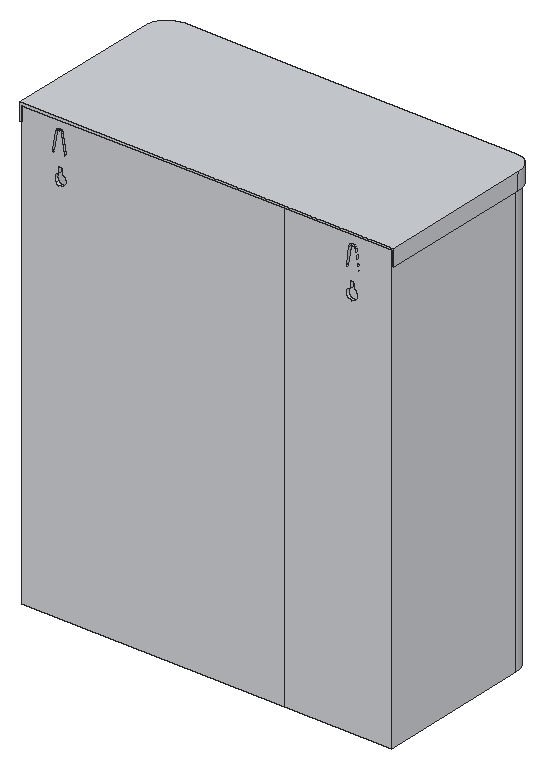
Revit family "AX8925-C_0016", category Appareils sanitaires, Revit 2016
Family settings
  Hôte = Mur
  Type d'élément = Normal
  Cote de connecteur circulaire = Utiliser le diamètre
  Numéro OmniClass = 23.75.00.00
  Titre OmniClass = Climate Control (HVAC)
  Toujours verticalement = Oui
  Couper avec des vides une fois chargée = Non
  Partagée = Non
  Point de calcul de pièce = Non
Parameters (values of type "Type 1")
  URL = "https://www.axeuro.com/fr/a-poser-en-applique/25352-poubelle-murale-ax8925-c.html?search_query=ax8925-c&results=6"
  Modèle = "AX8925-C, AX8925W-C"  # constant formula
  Fabricant = "Axeuro"  # constant formula
  Description = "Poubelle murale"  # constant formula
Reference planes
  plane 1 "Mur": y = 0
  plane 2 "Centre (gauche/droite)": x = 0
  plane 3 "Arrière": y = 75
Forms (mm)
  Extrusion 1, solid
    sketch origin (-104.674, -95, 0) x (1, 0, 0) y (0, 1, 0)
      loop
        line (-73.326, 170) -> (179.5, 170) -> (282.674, 170) -> (282.674, 319.853)
        arc (282.674, 319.853) -> (276.773, 334.099) -> (262.527, 340) r 20.147
        line (262.527, 340) -> (182.674, 340) -> (-53.179, 340)
        arc (-53.179, 340) -> (-67.425, 334.099) -> (-73.326, 319.853) r 20.147
        line (-73.326, 319.853) -> (-73.326, 170)
      loop
        line (182.674, 337.6) -> (-53.179, 337.6)
        arc (-53.179, 337.6) -> (-65.728, 332.402) -> (-70.926, 319.853) r 17.747
        line (-70.926, 319.853) -> (-70.926, 172.4) -> (179.5, 172.4) -> (280.274, 172.4) -> (280.274, 319.853)
        arc (280.274, 319.853) -> (275.076, 332.402) -> (262.527, 337.6) r 17.747
        line (262.527, 337.6) -> (182.674, 337.6)
    from 359.659 to 790
  Extrusion 2, void
    sketch origin (-40.203, 0, 10.01) x (1, 0, 0) y (0, 0, 1)
      loop
        arc (-102.277, 733.673) -> (-100.255, 723.071) -> (-98.316, 733.688) r 5.49
        line (-98.316, 733.688) -> (-98.316, 738.673)
        arc (-98.316, 738.673) -> (-100.297, 740.013) -> (-102.277, 738.673) r 2.134
        line (-102.277, 738.673) -> (-102.277, 733.673)
    from -75 to -77.6
  Extrusion 3, void
    sketch origin (-37.401, 0, 0) x (1, 0, 0) y (0, 0, 1)
      loop
        arc (-110.599, 762.273) -> (-109.999, 761.023) -> (-108.761, 761.649) r 0.971
        line (-108.761, 761.649) -> (-105.929, 779.052)
        arc (-105.929, 779.052) -> (-104.014, 780.967) -> (-102.099, 779.052) r 1.915
        line (-102.099, 779.052) -> (-99.267, 761.649)
        arc (-99.267, 761.649) -> (-98.029, 761.023) -> (-97.429, 762.273) r 0.971
        line (-97.429, 762.273) -> (-100.012, 779.039)
        arc (-100.012, 779.039) -> (-103.942, 782.968) -> (-107.871, 779.039) r 3.93
        line (-107.871, 779.039) -> (-110.599, 762.273)
    from -77.4 to -75
  Extrusion 4, solid
    sketch origin (38.5, 0, 159.659) x (1, 0, 0) y (0, 1, 0)
      loop
        line (-216.5, 224.853) -> (-216.5, 75) -> (36.326, 75) -> (139.5, 75) -> (139.5, 224.853)
        arc (139.5, 224.853) -> (133.599, 239.099) -> (119.353, 245) r 20.147
        line (119.353, 245) -> (39.5, 245) -> (-196.353, 245)
        arc (-196.353, 245) -> (-210.599, 239.099) -> (-216.5, 224.853) r 20.147
    from 200 to 202.4
  Extrusion 5, void
    sketch origin (40.203, 0, 10.01) x (-1, 0, 0) y (0, 0, -1)
      loop
        line (-102.277, -733.673) -> (-102.277, -738.673)
        arc (-102.277, -738.673) -> (-100.297, -740.013) -> (-98.316, -738.673) r 2.134
        line (-98.316, -738.673) -> (-98.316, -733.688)
        arc (-98.316, -733.688) -> (-100.255, -723.071) -> (-102.277, -733.673) r 5.49
    from -75 to -77.6
  Extrusion 6, void
    sketch origin (37.401, 0, 0) x (-1, 0, 0) y (0, 0, -1)
      loop
        line (-110.599, -762.273) -> (-107.871, -779.039)
        arc (-107.871, -779.039) -> (-103.942, -782.968) -> (-100.012, -779.039) r 3.93
        line (-100.012, -779.039) -> (-97.429, -762.273)
        arc (-97.429, -762.273) -> (-98.029, -761.023) -> (-99.267, -761.649) r 0.971
        line (-99.267, -761.649) -> (-102.099, -779.052)
        arc (-102.099, -779.052) -> (-104.014, -780.967) -> (-105.929, -779.052) r 1.915
        line (-105.929, -779.052) -> (-108.761, -761.649)
        arc (-108.761, -761.649) -> (-109.999, -761.023) -> (-110.599, -762.273) r 0.971
    from -77.4 to -75
  Extrusion 7, solid
    sketch origin (38, 0, -33.623) x (1, 0, 0) y (0, 1, 0)
      loop
        line (-218, 75) -> (-76, 75) -> (142, 75) -> (142, 225)
        arc (142, 225) -> (136.044, 240.509) -> (120.75, 247) r 21.263
        line (120.75, 247) -> (-76, 247) -> (-196.75, 247)
        arc (-196.75, 247) -> (-212.044, 240.509) -> (-218, 225) r 21.263
        line (-218, 225) -> (-218, 75)
    from 809.623 to 825.623
  Extrusion 8, void
    sketch origin (38, 0, 0) x (1, 0, 0) y (0, 0, 1)
      loop
        line (-215.804, 776) -> (140, 776) -> (140, 790) -> (-215.804, 790) -> (-215.804, 776)
    from -77.4 to -75
Cuts and joins
  Extrusion 2, Extrusion 3, Extrusion 5, Extrusion 6 cuts Extrusion 1
  Extrusion 5, Extrusion 6 cuts Extrusion 4
  joined: Extrusion 1, Extrusion 4
  Extrusion 8 cuts Extrusion 7
Text (mm)
  text "Côté de la mise en place" at (-1820.995, 1116.779, 0), in view "Niveau de réf."
  text "Côté de la mise en place" at (0, 1334.055, 2976.191), in view "Gauche"
  text "Côté de la mise en place" at (0, 439.194, 2944.362), in view "Droite"
Dimensions and locks
  locked: plane 3 "Arrière" to host wall
  aligned and locked: plane 1 "Mur" to host wall
